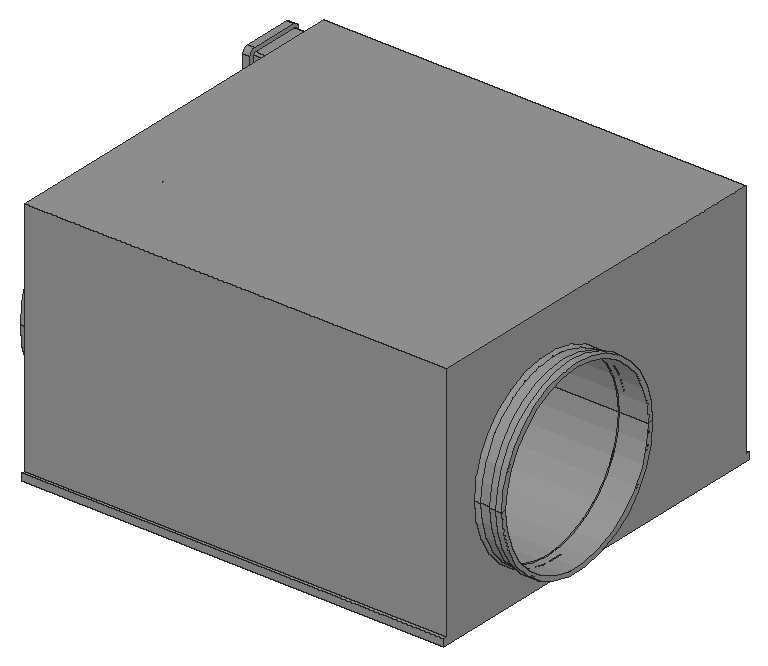
Revit family "IRB 250 A1 AC_7880038", category Mechanical Equipment, Revit 2014
Parameters (values of type "IRB 250 A1 AC")
  Wiring diagram = "4040001"
  Width = 666 mm
  Weight = 35.10 kg
  Voltage range = "220-240"
  Voltage = 230 V
  Speed = "1290 rpm"
  Sound pressure level at 3 m = "45 dB(A)"
  Power = 132 W
  Phase = 1
  Max. temperature of transported air when speed controlled = 70 °C
  Max. temperature of transported air = 70 °C
  Main Material = Steel, Galvanized
  Height = 527 mm
  Frequency = 50 Hz
  Elevation [instance] = 2600 mm
  Diameter = 250 mm
  Description = "Insulated duct fans with circular connections"
  Depth = 342 mm
  Current = 0.59 A
  Capacitor = "5"
Reference planes
  plane 1 "Center (Front/Back)": y = 0
  plane 2: z = 0
  plane 3 "Center (Left/Right)": x = 0
  plane 4: z = 2600
Dimensions and locks
  "Elevation": plane 4 to plane 2
  aligned and locked: level to plane 2
  aligned and locked: plane 3 "Center (Left/Right)" to nested 1
  aligned and locked: plane 1 "Center (Front/Back)" to nested 1
  aligned and locked: nested 1 to nested 2  (x2)
  aligned and locked: nested 1 to plane 4
Nested families
  nested 1: "IRB 250 A1 AC GEOMETRY" at (0, 0, 2600), type "IRB 250 A1 AC GEOMETRY"
  nested 2: "Flow direction symbol" at (0, 0, 0), type "Flow direction symbol"
Connectors
  electrical at (-333, 212, 2890.5), driven by "Phase", driven by "Voltage"
    settings: on nested 1, index 1, voltage 230 V, apparent load 0 VA, apparent load phase1 0 VA, apparent load phase2 0 VA, apparent load phase3 0 VA, power factor 1, load classification "Other", number of poles 1, system type 31, power factor state 1, is connector primary yes, connector utility no, sub classification motor no, connector description ""
  hvac at (-333, -84.5, 2758), driven by "Diameter"
    settings: on nested 1, index 2, duct flow 0.0 L/s, flow factor 0, pres drop 0.0 Pa, loss coef 0, conn angle 0.00°, conn width 304.8 mm, conn height 304.8 mm, conn diameter 250 mm, duct sys type 1, conn prof type 0, flow config 0, flow direction 1, loss method 0, conn ref index -1, conn util no, is conn primary yes, conn desc ""
  hvac at (325, -84.5, 2758), driven by "Diameter"
    settings: on nested 1, index 3, duct flow 0.0 L/s, flow factor 0, pres drop 0.0 Pa, loss coef 0, conn angle 0.00°, conn width 304.8 mm, conn height 304.8 mm, conn diameter 250 mm, duct sys type 3, conn prof type 0, flow config 0, flow direction 2, loss method 0, conn ref index -1, conn util no, is conn primary no, conn desc ""
Definition of nested family "IRB 250 A1 AC GEOMETRY"
  Parameters (values of type "IRB 250 A1 AC GEOMETRY")
    Main Material = Steel, Galvanized
    Description = ""
  Reference planes
    plane 1 "Center (Front/Back)": y = 0
    plane 2: z = 0
    plane 3 "Center (Left/Right)": x = 0
    plane 4: z = 342
    plane 5 "Horizontal Pipe Axis": z = 158
    plane 6: z = 10
    plane 7: z = 332
    plane 8: x = -291.5
    plane 9: x = 291.5
    plane 10: x = -333
    plane 11: x = 333
    plane 12: y = 263.5
    plane 13: y = -263.5
    plane 14 "Vertical Pipe Axis": y = -84.5
    plane 15: y = 253.5
    plane 16: x = -323
  Forms (mm)
    Extrusion 1, solid, material "Steel, Galvanized" <- "Main Material", detail levels medium+fine
      sketch origin (0, 0, 0) x (0, 1, 0) y (0, 0, 1)
        loop
          line (-263.5, 0) -> (263.5, 0) -> (263.5, 10) -> (258.5, 10) -> (258.5, 11) -> (258.5, 342) -> (-258.5, 342) -> (-258.5, 10) -> (-263.5, 10) -> (-263.5, 0)
      from -291.5 to 291.5
    Extrusion 2, void
      sketch origin (0, 0, 0) x (0, 1, 0) y (0, 0, 1)
        loop
          circle (-84.5, 158) r 124
      from -809.837 to 500.936
    Extrusion 3, solid, material "Steel, Galvanized" <- "Main Material", detail levels coarse
      sketch origin (0, 0, 0) x (0, 1, 0) y (0, 0, 1)
        loop
          circle (-84.5, 158) r 125
      from 291.5 to 333
    Extrusion 4, solid, material "Steel, Galvanized" <- "Main Material", detail levels coarse
      sketch origin (0, 0, 0) x (0, 1, 0) y (0, 0, -1)
        loop
          circle (-84.5, -158) r 125
      from 291.5 to 333
    Revolve 5, solid, material "Steel, Galvanized" <- "Main Material", detail levels medium+fine
      sketch origin (0, 0, 158) x (-1, 0, 0) y (0, -1, 0)
        loop
          line (333, -45.5) -> (333, 84.5) -> (291.5, 84.5) -> (291.5, -41.5)
          arc (291.5, -41.5) -> (295.75, -43.5) -> (300, -41.5) r 5.516
          line (300, -41.5) -> (315, -41.5) -> (315, -43.5) -> (325, -43.5) -> (325, -45.5) -> (333, -45.5)
        axis (291.5, 84.5) -> (333, 84.5)
      angle from 0 to 360
    Extrusion 6, solid, material "Steel, Galvanized" <- "Main Material", detail levels coarse
      sketch origin (0, 0, 0) x (0, 1, 0) y (0, 0, 1)
        loop
          line (263.5, 342) -> (-263.5, 342) -> (-263.5, 0) -> (263.5, 0) -> (263.5, 342)
      from -291.5 to 291.5
    Sweep 7, solid, material "Plastic, Opaque White", detail levels fine
      path origin (0, 0, 0) x (1, 0, 0) y (0, 1, 0)
        loop
          line (-323, 253.5) -> (-333, 253.5)
      profile origin (-328, 253.5, 0) x (0, -1, 0) y (0, 0, 1)
        loop
          arc (8.073, 332) -> (2.365, 329.635) -> (0, 323.927) r 8.073
          line (0, 323.927) -> (0, 257.073)
          arc (0, 257.073) -> (2.365, 251.365) -> (8.073, 249) r 8.073
          line (8.073, 249) -> (74.927, 249)
          arc (74.927, 249) -> (80.635, 251.365) -> (83, 257.073) r 8.073
          line (83, 257.073) -> (83, 323.927)
          arc (83, 323.927) -> (80.635, 329.635) -> (74.927, 332) r 8.073
          line (74.927, 332) -> (8.073, 332)
    Sweep 8, solid, material "Plastic, Opaque White", detail levels fine
      path origin (0, 0, 0) x (1, 0, 0) y (0, 1, 0)
        loop
          line (-323, 212) -> (-291.5, 212)
      profile origin (-307.25, 212, 0) x (0, 1, 0) y (0, 0, 1)
        loop
          line (33.427, 327) -> (-33.427, 327)
          arc (-33.427, 327) -> (-35.6, 326.1) -> (-36.5, 323.927) r 3.073
          line (-36.5, 323.927) -> (-36.5, 257.073)
          arc (-36.5, 257.073) -> (-35.6, 254.9) -> (-33.427, 254) r 3.073
          line (-33.427, 254) -> (33.427, 254)
          arc (33.427, 254) -> (35.6, 254.9) -> (36.5, 257.073) r 3.073
          line (36.5, 257.073) -> (36.5, 323.927)
          arc (36.5, 323.927) -> (35.6, 326.1) -> (33.427, 327) r 3.073
    Revolve 9, solid, material "Steel, Galvanized" <- "Main Material", detail levels medium+fine
      sketch origin (0, 0, 158) x (1, 0, 0) y (0, -1, 0)
        loop
          line (333, -45.5) -> (333, 84.5) -> (291.5, 84.5) -> (291.5, -41.5)
          arc (291.5, -41.5) -> (295.75, -43.5) -> (300, -41.5) r 5.516
          line (300, -41.5) -> (315, -41.5) -> (315, -43.5) -> (325, -43.5) -> (325, -45.5) -> (333, -45.5)
        axis (291.5, 84.5) -> (333, 84.5)
      angle from 0 to 360
  Cuts and joins
    Extrusion 2 cuts Extrusion 1
    joined: Sweep 7, Sweep 8
    Extrusion 2 cuts Revolve 5
    Extrusion 2 cuts Revolve 9
  Dimensions and locks
    equal spacing: plane 10, plane 3 "Center (Left/Right)", plane 11
    plane 10 to plane 11 = 666 mm
    plane 4 to level = 342 mm
    locked: plane 12 to plane 15 at 10
    locked: plane 4 to plane 7 at 10
    locked: plane 10 to plane 16 at 10
    locked: plane 10 to plane 8 at 41.5
    locked: plane 9 to plane 11 at 41.5
    locked: Sweep 8 sketch curve to plane 7 at 5
    locked: plane 15 to Sweep 8 sketch curve at 5
    locked: plane 4 to plane 5 "Horizontal Pipe Axis" at 184
    equal spacing: plane 12, plane 1 "Center (Front/Back)", plane 13
    plane 12 to plane 13 = 527 mm
    plane 13 to plane 14 "Vertical Pipe Axis" = 179 mm
    plane 14 "Vertical Pipe Axis" to plane 13 = 179 mm
    aligned and locked: level to plane 2
    aligned and locked: Extrusion 1 sketch curve to plane 13
    aligned and locked: plane 2 to Extrusion 1 sketch curve
    aligned and locked: Extrusion 1 sketch curve to plane 12
    aligned and locked: Extrusion 1 to plane 9
    aligned and locked: Extrusion 1 to plane 8
    aligned and locked: Extrusion 3 to plane 11
    aligned and locked: plane 9 to Extrusion 3
    aligned and locked: Extrusion 4 to plane 10
    aligned and locked: plane 8 to Extrusion 4
    aligned and locked: Extrusion 4 to plane 8
    aligned and locked: plane 4 to Extrusion 6 sketch curve
    aligned and locked: plane 12 to Extrusion 6 sketch curve
    aligned and locked: Extrusion 6 sketch curve to cut or joined group of Extrusion 1, Extrusion 2  (x2)
    aligned and locked: Extrusion 6 to plane 8
    aligned and locked: Extrusion 6 to plane 9
    aligned and locked: plane 10 to Sweep 7 sketch curve
    aligned and locked: plane 16 to Sweep 7 sketch curve
    aligned and locked: Sweep 7 sketch curve to plane 7
    aligned and locked: Sweep 7 sketch curve to plane 15
    aligned and locked: plane 8 to Sweep 8 sketch curve
    aligned and locked: plane 16 to Sweep 8 sketch curve
    aligned and locked: plane 14 "Vertical Pipe Axis" to Revolve 5 sketch curve
    aligned and locked: Revolve 5 sketch curve to plane 10
    aligned and locked: plane 9 to Revolve 9
    aligned and locked: plane 11 to Revolve 9
    aligned and locked: cut or joined group of Extrusion 2, Revolve 5 to plane 10
    aligned and locked: cut or joined group of Extrusion 2, Revolve 5 to plane 8
  Automatic sketch dimensions
    Extrusion 1 sketch curve to plane 4 = 0 mm
    Extrusion 1 sketch curve to plane 6 = 0 mm  (x2)
    Extrusion 1 sketch curve to plane 13 = 5 mm
    Extrusion 1 sketch curve to plane 12 = 5 mm
    plane 6 to Extrusion 1 sketch curve = 1 mm
    Extrusion 2 sketch curve to plane 5 "Horizontal Pipe Axis" = 0 mm
    Extrusion 2 sketch curve to plane 14 "Vertical Pipe Axis" = 0 mm
    Extrusion 3 sketch curve to plane 5 "Horizontal Pipe Axis" = 0 mm
    Extrusion 3 sketch curve to plane 14 "Vertical Pipe Axis" = 0 mm
    Extrusion 4 sketch curve to plane 5 "Horizontal Pipe Axis" = 0 mm
    Extrusion 4 sketch curve to plane 14 "Vertical Pipe Axis" = 0 mm
    Revolve 5 sketch curve to plane 8 = 0 mm  (x2)
    plane 14 "Vertical Pipe Axis" to Revolve 5 sketch curve = 0 mm
    Revolve 5 sketch curve to plane 8 = 4.25 mm
    Revolve 5 sketch curve to Revolve 5 sketch curve = 4.25 mm
    plane 16 to Revolve 5 sketch curve = 8 mm
    Revolve 5 sketch curve to plane 16 = 2 mm
    Revolve 5 sketch curve to plane 1 "Center (Front/Back)" = 37.985 mm
    Revolve 5 sketch curve to Revolve 5 sketch curve = 3.515 mm
    Revolve 5 sketch curve to Revolve 5 sketch curve = 2 mm  (x2)
    Revolve 5 sketch curve to Revolve 5 sketch curve = 93.5 mm
    Sweep 7 sketch curve to plane 15 = 0 mm
    Sweep 7 sketch curve to profile plane = 8.073 mm  (x2)
    Sweep 7 sketch curve to Sweep 7 sketch curve = 66.854 mm  (x3)
    Sweep 7 sketch curve to Sweep 7 sketch curve = 8.073 mm
    Sweep 8 sketch curve to plane 15 = 41.5 mm
    Sweep 8 sketch curve to Sweep 8 sketch curve = 3.073 mm  (x3)
    profile plane to Sweep 8 sketch curve = 33.427 mm  (x2)
    Sweep 8 sketch curve to Sweep 8 sketch curve = 66.854 mm
    Revolve 9 sketch curve to plane 9 = 0 mm  (x2)
    Revolve 9 sketch curve to plane 11 = 0 mm
    plane 14 "Vertical Pipe Axis" to Revolve 9 sketch curve = 0 mm  (x2)
    plane 9 to Revolve 9 sketch curve = 4.25 mm
    Revolve 9 sketch curve to Revolve 9 sketch curve = 4.25 mm
    Revolve 9 sketch curve to Revolve 9 sketch curve = 15 mm
    Revolve 9 sketch curve to plane 11 = 8 mm
    plane 1 "Center (Front/Back)" to Revolve 9 sketch curve = 37.985 mm
    Revolve 9 sketch curve to Revolve 9 sketch curve = 3.515 mm
    Revolve 9 sketch curve to Revolve 9 sketch curve = 2 mm  (x2)
    Revolve 9 sketch curve to Revolve 9 sketch curve = 93.5 mm
    radius of Extrusion 2 sketch curve = 124 mm
    radius of Extrusion 3 sketch curve = 125 mm
    radius of Extrusion 4 sketch curve = 125 mm
Definition of nested family "Flow direction symbol"
  Parameters (values of type "Flow direction symbol")
    Warning = "!"
    Text = "DIMENSIONS OVERCONSTRAINT"
  Reference planes
    plane 1: y = 0
    plane 2: x = 0
  Lines and regions (mm)
    detail lines
      curve 1: line (-0.506, 0.877, 0) -> (-0.506, -0.877, 0)
      curve 2: line (1.012, 0, 0) -> (-0.506, -0.877, 0)
      curve 3: line (-0.506, 0.877, 0) -> (1.012, 0, 0)
      curve 4: circle (0, 0, 0) r 1 normal (0, 0, 1)
